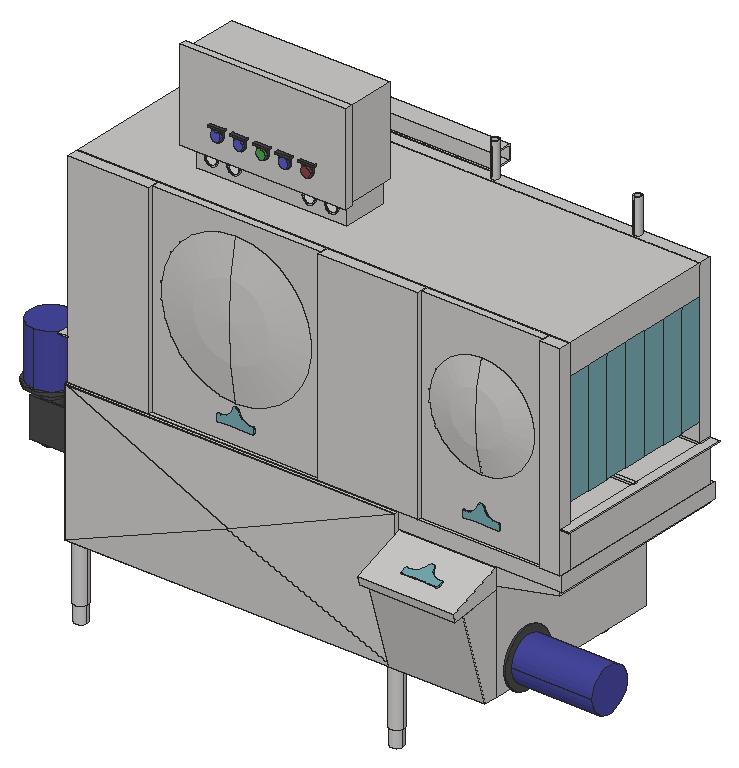
Revit family (continued)
Dimensions and locks (in)
  locked: plane 43 to plane 45 at 0.125
  locked: plane 46 to plane 44 at 3.875
  locked: plane 47 to level at 13.625
  locked: Extrusion 28 sketch curve to plane 18 "Door Center" at 1
  locked: plane 18 "Door Center" to Extrusion 33 sketch curve at 0.75
  locked: plane 18 "Door Center" to Extrusion 52 sketch curve at 6
  locked: plane 18 "Door Center" to Extrusion 29 sketch curve at 3
  locked: Extrusion 28 to Extrusion 30 sketch curve at 1
  locked: Extrusion 31 sketch curve to plane 18 "Door Center" at 3
  locked: Extrusion 32 sketch curve to plane 18 "Door Center" at 6
  locked: plane 48 to level at 8.5
  locked: plane 6 "FRONT" to plane 50 at 7
  locked: plane 53 to plane 51 at 0.125
  locked: plane 52 to plane 54 at 3.875
  "Width": plane 2 "LEFT" to plane 59 "RIGHT"
  plane 2 "LEFT" to Extrusion 39 sketch curve = 2' - 4"
  Extrusion 53 sketch curve to plane 59 "RIGHT" = 2' - 4"
  plane 2 "LEFT" to Extrusion 35 sketch curve = 0' - 9"
  Extrusion 54 sketch curve to plane 59 "RIGHT" = 0' - 9"
  "Single Door Opening": plane 55 to plane 56
  equal spacing: plane 19, plane 18 "Door Center", plane 20
  locked: plane 45 to plane 46 at 2.9375
  locked: plane 43 to plane 2 "LEFT" at 10
  locked: plane 59 "RIGHT" to plane 51 at 10
  locked: plane 54 to plane 53 at 2.9375
  locked: plane 65 to plane 56 at 0.25
  locked: plane 55 to plane 66 at 0.125
  locked: plane 55 to plane 67 at 1.4375
  locked: plane 19 to plane 68 at 0.25
  locked: plane 69 to plane 20 at 0.25
  locked: plane 18 "Door Center" to plane 72 at 0.0625
  locked: plane 71 to plane 18 "Door Center" at 0.0625
  locked: plane 18 "Door Center" to plane 73 at 1.4375
  locked: plane 70 to plane 18 "Door Center" at 1.4375
  locked: plane 56 to plane 59 "RIGHT" at 2.6875
  locked: Extrusion 55 sketch curve to plane 59 "RIGHT" at 16.8125
  locked: plane 59 "RIGHT" to Sweep 90 sketch curve at 11.5625
  aligned and locked: level to plane 1
  aligned and locked: Extrusion 1 sketch curve to plane 13
  aligned and locked: Extrusion 1 sketch curve to plane 14
  aligned and locked: plane 15 "Right of Bottom" to Extrusion 1 sketch curve
  aligned and locked: Extrusion 1 to plane 7 "Bottom of Machine"
  aligned and locked: plane 11 to Extrusion 1
  aligned and locked: plane 2 "LEFT" to Extrusion 2 sketch curve
  aligned and locked: Extrusion 2 sketch curve to plane 5 "Right of 44 Top"
  aligned and locked: plane 6 "FRONT" to Extrusion 2 sketch curve
  aligned and locked: plane 3 "BACK" to Extrusion 2 sketch curve
  aligned and locked: plane 10 "Panel Top" to Extrusion 2
  aligned and locked: Extrusion 2 to plane 11
  aligned and locked: plane 3 "BACK" to Extrusion 3 sketch curve
  aligned and locked: Extrusion 3 sketch curve to plane 17
  aligned and locked: Extrusion 3 to plane 10 "Panel Top"
  aligned and locked: plane 3 "BACK" to Extrusion 4 sketch curve
  aligned and locked: plane 16 to Extrusion 4 sketch curve
  aligned and locked: Extrusion 5 sketch curve to plane 17
  aligned and locked: Extrusion 5 sketch curve to plane 16
  aligned and locked: plane 3 "BACK" to Extrusion 6 sketch curve
  aligned and locked: plane 16 to Extrusion 6 sketch curve
  aligned: Extrusion 6 to plane 8 "Table Height"
  aligned: Extrusion 5 to plane 21 "Top of Opening"
  aligned and locked: Extrusion 7 sketch curve to plane 19
  aligned and locked: plane 10 "Panel Top" to Extrusion 7 sketch curve
  aligned and locked: Extrusion 7 to plane 17
  aligned and locked: Extrusion 7 sketch curve to plane 9 "Top of Machine"
  aligned and locked: plane 2 "LEFT" to Blend 8 sketch curve
  aligned and locked: plane 7 "Bottom of Machine" to Blend 8 sketch curve
  aligned and locked: Blend 8 sketch curve to plane 10 "Panel Top"
  aligned and locked: Blend 8 sketch curve to plane 5 "Right of 44 Top"
  aligned and locked: plane 6 "FRONT" to Extrusion 1 sketch curve
  aligned and locked: plane 2 "LEFT" to Extrusion 9 sketch curve
  aligned and locked: Extrusion 9 sketch curve to plane 6 "FRONT"
  aligned and locked: plane 12 to Extrusion 9 sketch curve
  aligned and locked: Extrusion 9 sketch curve to plane 5 "Right of 44 Top"
  aligned and locked: Extrusion 9 to plane 7 "Bottom of Machine"
  aligned and locked: plane 10 "Panel Top" to Extrusion 9
  aligned and locked: plane 20 to Extrusion 10 sketch curve
  aligned and locked: Extrusion 10 sketch curve to plane 9 "Top of Machine"
  aligned and locked: plane 10 "Panel Top" to Extrusion 10 sketch curve
  aligned and locked: Extrusion 10 to plane 17
  aligned and locked: Extrusion 11 sketch curve to plane 20
  aligned and locked: plane 17 to Extrusion 11 sketch curve
  aligned and locked: plane 19 to Extrusion 11 sketch curve
  aligned and locked: Extrusion 11 to plane 10 "Panel Top"
  aligned and locked: plane 22 to Extrusion 13
  aligned and locked: Extrusion 14 to plane 22
  aligned and locked: plane 7 "Bottom of Machine" to Extrusion 14
  aligned and locked: Extrusion 21 sketch curve to plane 28
  aligned and locked: plane 27 "Front of Lower Panel" to Extrusion 21 sketch curve
  aligned and locked: plane 23 to Extrusion 21 sketch curve
  aligned and locked: plane 24 to Extrusion 21 sketch curve
  aligned and locked: Extrusion 22 sketch curve to plane 30 "Back of Panel"
  aligned and locked: plane 29 to Extrusion 22 sketch curve
  aligned and locked: plane 32 to Extrusion 22 sketch curve
  aligned and locked: Extrusion 22 sketch curve to plane 33
  aligned and locked: Extrusion 23 sketch curve to plane 29
  aligned and locked: plane 31 "Front of Upper Panel" to Extrusion 23 sketch curve
  aligned and locked: plane 25 to Extrusion 23 sketch curve
  aligned and locked: Extrusion 23 sketch curve to plane 26
  aligned and locked: Extrusion 25 sketch curve to Extrusion 24  (x2)
  aligned and locked: Extrusion 27 sketch curve to Extrusion 26  (x2)
  aligned and locked: Extrusion 36 to plane 37
  aligned and locked: Extrusion 36 to plane 38
  aligned and locked: Extrusion 37 to plane 38
  aligned and locked: Extrusion 37 to plane 37
  aligned and locked: plane 3 "BACK" to curve 1
  aligned and locked: plane 6 "FRONT" to curve 2
  aligned and locked: plane 37 to curve 3
  aligned and locked: plane 38 to curve 5
  aligned and locked: curve 4 to plane 39
  aligned and locked: curve 6 to plane 30 "Back of Panel"
  aligned and locked: plane 29 to curve 8
  aligned and locked: plane 32 to curve 7
  aligned and locked: curve 9 to plane 33
  aligned and locked: plane 25 to curve 13
  aligned and locked: plane 31 "Front of Upper Panel" to curve 12
  aligned and locked: curve 11 to plane 26
  aligned and locked: curve 15 to plane 34
  aligned and locked: Extrusion 40 sketch curve to plane 13  (x2)
  aligned and locked: plane 41 to Extrusion 40 sketch curve
  aligned and locked: plane 38 to Extrusion 40 sketch curve
  aligned and locked: Extrusion 40 sketch curve to plane 39
  aligned and locked: plane 37 to Extrusion 40 sketch curve
  aligned: plane 36 "Top of Vents" to Extrusion 40
  aligned and locked: plane 4 "TOP" to Extrusion 40
  aligned and locked: plane 9 "Top of Machine" to Extrusion 41 sketch curve
  aligned and locked: Extrusion 41 sketch curve to plane 20
  aligned and locked: plane 19 to Extrusion 41 sketch curve
  aligned and locked: Extrusion 41 sketch curve to plane 42
  aligned and locked: Extrusion 41 to plane 17
  aligned and locked: curve 17 to plane 41
  aligned and locked: Extrusion 43 sketch curve to Extrusion 42  (x2)
  aligned and locked: Extrusion 45 sketch curve to Extrusion 44  (x2)
  aligned and locked: Extrusion 46 to plane 45
  aligned and locked: plane 45 to Extrusion 47
  aligned and locked: plane 46 to Extrusion 48 sketch curve
  aligned and locked: Extrusion 48 sketch curve to plane 44
  aligned and locked: curve 18 to plane 43
  aligned and locked: plane 46 to curve 20
  aligned and locked: plane 43 to Extrusion 49 sketch curve
  aligned and locked: plane 43 to curve 23
  aligned and locked: plane 6 "FRONT" to Extrusion 50 sketch curve
  aligned and locked: Extrusion 50 sketch curve to plane 13
  aligned: plane 10 "Panel Top" to Extrusion 50
  aligned and locked: Extrusion 56 sketch curve to Extrusion 55  (x2)
  aligned and locked: Extrusion 57 sketch curve to Extrusion 39  (x2)
  aligned and locked: Extrusion 59 to plane 53
  aligned and locked: plane 53 to Extrusion 58
  aligned and locked: Extrusion 60 sketch curve to plane 52
  aligned and locked: plane 54 to Extrusion 60 sketch curve
  aligned and locked: plane 52 to nested 2
  aligned and locked: plane 54 to nested 2
  aligned and locked: curve 28 to plane 51
  aligned and locked: curve 32 to plane 54
  aligned and locked: plane 52 to curve 30
  aligned and locked: Extrusion 61 sketch curve to plane 51
  aligned and locked: curve 33 to plane 51
  aligned and locked: Extrusion 65 sketch curve to Extrusion 63
  aligned and locked: Blend 66 sketch curve to Extrusion 65  (x2)
  aligned and locked: Extrusion 75 sketch curve to Extrusion 73  (x2)
  aligned and locked: plane 2 "LEFT" to Extrusion 4 sketch curve  (x2)
  aligned and locked: plane 2 "LEFT" to Extrusion 3 sketch curve
  aligned and locked: Extrusion 92 sketch curve to plane 61
  aligned and locked: plane 2 "LEFT" to Extrusion 7 sketch curve
  aligned and locked: plane 55 to Extrusion 10 sketch curve
  aligned and locked: plane 63 to Extrusion 50 sketch curve
  aligned and locked: Extrusion 4 sketch curve to plane 59 "RIGHT"  (x2)
  aligned and locked: Extrusion 3 sketch curve to plane 59 "RIGHT"
  aligned and locked: Extrusion 6 sketch curve to plane 59 "RIGHT"
  aligned and locked: Extrusion 5 sketch curve to plane 59 "RIGHT"
  aligned and locked: plane 17 to Extrusion 97 sketch curve
  aligned and locked: plane 6 "FRONT" to Extrusion 97 sketch curve
  aligned and locked: plane 68 to Extrusion 97 sketch curve
  aligned and locked: Extrusion 97 sketch curve to plane 71
  aligned and locked: plane 17 to Extrusion 98 sketch curve
  aligned and locked: plane 6 "FRONT" to Extrusion 98 sketch curve
  aligned and locked: plane 72 to Extrusion 98 sketch curve
  aligned and locked: Extrusion 98 sketch curve to plane 69
  aligned and locked: plane 65 to Extrusion 99 sketch curve
  aligned and locked: Extrusion 99 sketch curve to plane 66
  aligned and locked: plane 6 "FRONT" to Extrusion 99 sketch curve
  aligned and locked: plane 17 to Extrusion 99 sketch curve
  aligned and locked: Extrusion 97 to plane 10 "Panel Top"
  aligned and locked: Extrusion 98 to plane 10 "Panel Top"
  aligned and locked: Extrusion 99 to plane 10 "Panel Top"
  aligned and locked: curve 59 to plane 19
  aligned and locked: curve 61 to plane 20
  aligned and locked: plane 56 to curve 63
Automatic sketch dimensions
  Extrusion 5 sketch curve to plane 2 "LEFT" = 0' - 0"
  Extrusion 6 sketch curve to plane 2 "LEFT" = 0' - 0"
  plane 47 to Blend 8 sketch curve = 0' - 5 19/32"
  Blend 8 sketch curve to Blend 8 sketch curve = 0' - 0 1/16"
  Revolve 12 sketch curve to plane 12 = 0' - 0"
  Revolve 12 sketch curve to plane 50 = 0' - 4 1/4"
  plane 35 to Revolve 12 sketch curve = 0' - 0 7/16"
  plane 27 "Front of Lower Panel" to Revolve 12 sketch curve = 0' - 2 3/4"
  Revolve 12 sketch curve to plane 21 "Top of Opening" = 0' - 7.74993"
  plane 41 to Revolve 12 sketch curve = 1' - 5.49935"
  Revolve 12 sketch curve to plane 21 "Top of Opening" = 0' - 8"  (x2)
  Extrusion 24 sketch curve to Extrusion 24 sketch curve = 0' - 0"  (x2)
  Extrusion 26 sketch curve to Extrusion 26 sketch curve = 0' - 0"  (x2)
  plane 73 to Extrusion 28 sketch curve = 0' - 0 9/16"
  Extrusion 28 sketch curve to Extrusion 28 sketch curve = 0' - 2"  (x4)
  Extrusion 28 sketch curve to Extrusion 28 sketch curve = 0' - 1"  (x2)
  plane 70 to Extrusion 28 sketch curve = 0' - 0 7/16"
  Extrusion 28 sketch curve to plane 70 = 0' - 0 9/16"
  plane 36 "Top of Vents" to Extrusion 28 sketch curve = 0' - 2 3/4"  (x3)
  Extrusion 28 sketch curve to Extrusion 28 sketch curve = 0' - 0"  (x2)
  Extrusion 28 sketch curve to Extrusion 28 sketch curve = 0' - 0 1/4"  (x5)
  Extrusion 33 sketch curve to plane 18 "Door Center" = 0' - 0"
  plane 73 to Extrusion 33 sketch curve = 0' - 0 13/16"
  Extrusion 33 sketch curve to Extrusion 33 sketch curve = 0' - 0 3/4"  (x4)
  Extrusion 33 sketch curve to Extrusion 33 sketch curve = 0' - 1 1/2"  (x2)
  Extrusion 33 sketch curve to plane 70 = 0' - 0 13/16"
  Extrusion 33 sketch curve to Extrusion 33 sketch curve = 0' - 0"
  plane 36 "Top of Vents" to Extrusion 33 sketch curve = 0' - 1 7/8"  (x3)
  Extrusion 33 sketch curve to Extrusion 33 sketch curve = 0' - 0 7/8"  (x5)
  Extrusion 34 sketch curve to plane 18 "Door Center" = 0' - 0"
  plane 18 "Door Center" to Extrusion 34 sketch curve = 0' - 0.00035"
  plane 72 to Extrusion 34 sketch curve = 0' - 0.35719"
  plane 72 to Extrusion 34 sketch curve = 0' - 0.54876"
  plane 73 to Extrusion 34 sketch curve = 0' - 0.50556"
  plane 73 to Extrusion 34 sketch curve = 0' - 0.8056"
  Extrusion 34 sketch curve to Extrusion 34 sketch curve = 0' - 0.00341"  (x2)
  Extrusion 34 sketch curve to Extrusion 34 sketch curve = 0' - 0.25142"  (x2)
  Extrusion 34 sketch curve to plane 18 "Door Center" = 0' - 0.42461"
  Extrusion 34 sketch curve to Extrusion 34 sketch curve = 0' - 0"
  Extrusion 34 sketch curve to plane 71 = 0' - 0.54876"
  Extrusion 34 sketch curve to plane 70 = 0' - 0.50556"
  Extrusion 34 sketch curve to plane 70 = 0' - 0.8056"
  Extrusion 34 sketch curve to plane 8 "Table Height" = 0' - 2.43574"  (x2)
  Extrusion 34 sketch curve to Extrusion 34 sketch curve = 0' - 0.48493"  (x2)
  Extrusion 34 sketch curve to Extrusion 34 sketch curve = 0' - 0.08323"
  plane 47 to Extrusion 34 sketch curve = 0' - 5.0469"
  Extrusion 35 sketch curve to Extrusion 35 sketch curve = 0' - 0"  (x2)
  Extrusion 36 sketch curve to plane 40 = 0' - 0"
  Extrusion 36 sketch curve to plane 9 "Top of Machine" = 0' - 0"
  Extrusion 36 sketch curve to plane 39 = 0' - 0"
  Extrusion 36 sketch curve to plane 39 = 0' - 0 1/8"
  Extrusion 36 sketch curve to plane 13 = 0' - 0 1/8"
  Extrusion 36 sketch curve to Extrusion 36 sketch curve = 0' - 0 1/8"
  plane 9 "Top of Machine" to Extrusion 36 sketch curve = 0' - 0 1/8"
  Extrusion 36 sketch curve to plane 40 = 0' - 0 1/8"
  Extrusion 37 sketch curve to plane 3 "BACK" = 0' - 0"
  Extrusion 37 sketch curve to plane 9 "Top of Machine" = 0' - 0"
  Extrusion 37 sketch curve to plane 3 "BACK" = 0' - 0 1/4"
  Extrusion 37 sketch curve to Extrusion 37 sketch curve = 0' - 0 1/8"
  Extrusion 39 sketch curve to Extrusion 39 sketch curve = 0' - 0"  (x2)
  Extrusion 40 sketch curve to plane 61 = 0' - 0"
  Extrusion 40 sketch curve to plane 64 = 0' - 0"
  Extrusion 42 sketch curve to Extrusion 42 sketch curve = 0' - 0"  (x2)
  Extrusion 42 sketch curve to plane 40 = 0' - 0 1/4"
  Extrusion 42 sketch curve to plane 70 = 0' - 3 9/16"
  Extrusion 44 sketch curve to Extrusion 44 sketch curve = 0' - 0"  (x2)
  plane 40 to Extrusion 44 sketch curve = 0' - 0 1/4"
  Extrusion 44 sketch curve to plane 73 = 0' - 3 9/16"
  Extrusion 48 sketch curve to plane 35 = 0' - 0"
  Extrusion 48 sketch curve to plane 34 = 0' - 0"
  plane 35 to Extrusion 48 sketch curve = 0' - 0 1/8"
  Extrusion 48 sketch curve to plane 34 = 0' - 0 1/8"
  Extrusion 48 sketch curve to plane 44 = 0' - 0 1/8"
  plane 46 to Extrusion 48 sketch curve = 0' - 0 1/8"
  Extrusion 49 sketch curve to plane 13 = 0' - 0"
  Extrusion 49 sketch curve to plane 61 = 0' - 0"
  Extrusion 49 sketch curve to plane 41 = 0' - 0"
  Extrusion 50 sketch curve to plane 14 = 0' - 0"
  plane 36 "Top of Vents" to Extrusion 52 sketch curve = 0' - 1 7/8"
  Extrusion 55 sketch curve to Extrusion 55 sketch curve = 0' - 0"  (x2)
  Extrusion 55 sketch curve to plane 49 "Drain" = 0' - 1"
  Extrusion 60 sketch curve to plane 35 = 0' - 0"
  Extrusion 60 sketch curve to plane 34 = 0' - 0"
  Extrusion 60 sketch curve to plane 35 = 0' - 0 1/8"
  plane 34 to Extrusion 60 sketch curve = 0' - 0 1/8"
  Extrusion 60 sketch curve to plane 52 = 0' - 0 1/8"
  plane 54 to Extrusion 60 sketch curve = 0' - 0 1/8"
  Extrusion 61 sketch curve to plane 13 = 0' - 0"
  Extrusion 61 sketch curve to plane 64 = 0' - 0"
  Extrusion 61 sketch curve to plane 41 = 0' - 0"
  Extrusion 64 sketch curve to plane 31 "Front of Upper Panel" = 0' - 0 3/16"
  plane 46 to Extrusion 64 sketch curve = 0' - 0 15/16"
  Blend 66 sketch curve to plane 31 "Front of Upper Panel" = 0' - 0 3/16"
  plane 46 to Blend 66 sketch curve = 0' - 0 15/16"
  Extrusion 67 sketch curve to plane 31 "Front of Upper Panel" = 0' - 0 3/16"
  plane 46 to Extrusion 67 sketch curve = 0' - 0 15/16"
  Extrusion 68 sketch curve to plane 31 "Front of Upper Panel" = 0' - 0 3/16"
  plane 46 to Extrusion 68 sketch curve = 0' - 0 15/16"
  Extrusion 69 sketch curve to plane 2 "LEFT" = 0' - 0"
  Extrusion 69 sketch curve to plane 44 = 0' - 0 15/16"
  Extrusion 69 sketch curve to Extrusion 69 sketch curve = 0' - 1 1/4"
  Extrusion 69 sketch curve to plane 8 "Table Height" = 0' - 0 13/16"
  Extrusion 69 sketch curve to Extrusion 69 sketch curve = 0' - 0 3/4"
  Extrusion 69 sketch curve to Extrusion 69 sketch curve = 0' - 1 1/2"
  Blend 76 sketch curve to plane 61 = 0' - 0 5/16"
  Blend 76 sketch curve to plane 28 = 0' - 2 1/4"
  plane 30 "Back of Panel" to Blend 76 sketch curve = 0' - 1 3/4"
  plane 46 to Blend 76 sketch curve = 0' - 0 1/2"
  plane 44 to Blend 76 sketch curve = 0' - 0 1/2"
  Blend 76 sketch curve to plane 28 = 0' - 1 1/4"
  plane 30 "Back of Panel" to Blend 76 sketch curve = 0' - 0 3/4"
  plane 46 to Blend 76 sketch curve = 0' - 1 1/2"
  Blend 77 sketch curve to plane 46 = 0' - 0 1/4"
  plane 27 "Front of Lower Panel" to Blend 77 sketch curve = 0' - 3"
  plane 30 "Back of Panel" to Blend 77 sketch curve = 0' - 2 1/2"
  plane 61 to Blend 77 sketch curve = 0' - 0 7/16"
  Blend 77 sketch curve to plane 61 = 0' - 0 9/16"
  Blend 77 sketch curve to plane 28 = 0' - 2"
  plane 30 "Back of Panel" to Blend 77 sketch curve = 0' - 1 1/2"
  plane 46 to Blend 77 sketch curve = 0' - 0 3/4"
  Revolve 80 sketch curve to plane 12 = 0' - 0"
  Revolve 80 sketch curve to plane 50 = 0' - 4 1/4"
  plane 35 to Revolve 80 sketch curve = 0' - 0 7/16"
  plane 27 "Front of Lower Panel" to Revolve 80 sketch curve = 0' - 2 3/4"
  Revolve 80 sketch curve to plane 13 = 0' - 0.00039"
  Revolve 80 sketch curve to plane 21 "Top of Opening" = 0' - 1"
  Revolve 80 sketch curve to Revolve 80 sketch curve = 0' - 7"
  Revolve 80 sketch curve to plane 21 "Top of Opening" = 0' - 8"
  Extrusion 82 sketch curve to plane 42 = 0' - 0"
  plane 55 to Extrusion 82 sketch curve = 0' - 0"
  Extrusion 82 sketch curve to plane 9 "Top of Machine" = 0' - 0"
  plane 56 to Extrusion 82 sketch curve = 0' - 0"
  Extrusion 86 sketch curve to Extrusion 86 sketch curve = 0' - 0.25483"
  Extrusion 86 sketch curve to Extrusion 86 sketch curve = 0' - 1.63184"  (x2)
  Extrusion 86 sketch curve to Extrusion 86 sketch curve = 0' - 1.52338"
  Extrusion 86 sketch curve to Extrusion 86 sketch curve = 0' - 0.41934"
  Extrusion 86 sketch curve to Extrusion 86 sketch curve = 0' - 0.42496"
  Extrusion 86 sketch curve to Extrusion 86 sketch curve = 0' - 0"  (x2)
  Extrusion 86 sketch curve to Extrusion 86 sketch curve = 0' - 1.22253"
  Extrusion 86 sketch curve to Extrusion 86 sketch curve = 0' - 1.51845"
  Extrusion 86 sketch curve to Extrusion 86 sketch curve = 0' - 0.00341"
  Extrusion 86 sketch curve to Extrusion 86 sketch curve = 0' - 0.25142"  (x2)
  Extrusion 86 sketch curve to Extrusion 86 sketch curve = 0' - 0.34808"
  Extrusion 86 sketch curve to Extrusion 86 sketch curve = 0' - 0.48493"  (x2)
  Extrusion 86 sketch curve to Extrusion 86 sketch curve = 0' - 0.08323"
  Extrusion 86 sketch curve to Extrusion 86 sketch curve = 0' - 11.98442"
  Extrusion 87 sketch curve to plane 31 "Front of Upper Panel" = 0' - 0"
  Extrusion 87 sketch curve to plane 47 = 0' - 0"
  Extrusion 88 sketch curve to plane 31 "Front of Upper Panel" = 0' - 0"
  Extrusion 88 sketch curve to plane 47 = 0' - 0"
  Extrusion 92 sketch curve to plane 2 "LEFT" = 0' - 0"
  Extrusion 92 sketch curve to plane 6 "FRONT" = 0' - 0"
  plane 3 "BACK" to Extrusion 92 sketch curve = 0' - 0"
  plane 35 to Extrusion 95 sketch curve = 0' - 0 1/8"
  Extrusion 95 sketch curve to plane 34 = 0' - 0 1/8"
  Extrusion 95 sketch curve to plane 44 = 0' - 0 1/8"
  plane 46 to Extrusion 95 sketch curve = 0' - 0 1/8"
  plane 35 to Extrusion 96 sketch curve = 0' - 0 1/8"
  Extrusion 96 sketch curve to plane 34 = 0' - 0 1/8"
  Extrusion 96 sketch curve to plane 54 = 0' - 0 1/8"
  plane 52 to Extrusion 96 sketch curve = 0' - 0 1/8"
  plane 19 to Extrusion 100 sketch curve = 0' - 0.01857"
  Extrusion 100 sketch curve to plane 6 "FRONT" = 0' - 0.23718"
  plane 19 to Extrusion 101 sketch curve = 0' - 0.01857"
  Extrusion 101 sketch curve to plane 6 "FRONT" = 0' - 0.23718"
  plane 20 to Extrusion 102 sketch curve = 0' - 0.01857"
  Extrusion 102 sketch curve to plane 6 "FRONT" = 0' - 0.23718"
  plane 20 to Extrusion 103 sketch curve = 0' - 0.01857"
  Extrusion 103 sketch curve to plane 6 "FRONT" = 0' - 0.23718"
  Sweep 104 sketch curve to plane 12 = 0' - 0.61218"
  Sweep 104 sketch curve to plane 12 = 0' - 0.11218"  (x2)
  plane 6 "FRONT" to Sweep 104 sketch curve = 0' - 0.01282"  (x2)
  plane 8 "Table Height" to Sweep 104 sketch curve = 0' - 3 13/16"
  Sweep 104 sketch curve to plane 21 "Top of Opening" = 0' - 4 15/16"
  Sweep 104 sketch curve to profile plane = 0' - 0"  (x2)
  Sweep 105 sketch curve to plane 12 = 0' - 0.61218"
  Sweep 105 sketch curve to plane 12 = 0' - 0.11218"  (x2)
  plane 6 "FRONT" to Sweep 105 sketch curve = 0' - 0.01282"  (x2)
  plane 8 "Table Height" to Sweep 105 sketch curve = 0' - 3 13/16"
  Sweep 105 sketch curve to plane 21 "Top of Opening" = 0' - 4 15/16"
  Sweep 105 sketch curve to profile plane = 0' - 0"  (x2)
  plane 73 to curve 52 = 0' - 0.39357"
  curve 52 to plane 12 = 0' - 0.61218"
  curve 48 to plane 70 = 0' - 0.35643"
  curve 48 to plane 12 = 0' - 0.61218"
  plane 67 to curve 56 = 0' - 0.35643"
  curve 56 to plane 12 = 0' - 0.61218"
  plane 6 "FRONT" to curve 55 = 0' - 0.01282"
  plane 6 "FRONT" to curve 52 = 0' - 0.01282"
  plane 6 "FRONT" to curve 51 = 0' - 0.01282"
  plane 6 "FRONT" to curve 49 = 0' - 0.01282"
  plane 6 "FRONT" to curve 48 = 0' - 0.01282"
  plane 6 "FRONT" to curve 54 = 0' - 0.01282"
  curve 56 to plane 67 = 0' - 0.01857"
  plane 73 to curve 53 = 0' - 0.01857"
  plane 70 to curve 50 = 0' - 0.39357"
  Extrusion 106 sketch curve to plane 56 = 0' - 0.01857"
  Extrusion 106 sketch curve to plane 6 "FRONT" = 0' - 0.23718"
  Extrusion 107 sketch curve to plane 56 = 0' - 0.01857"
  Extrusion 107 sketch curve to plane 6 "FRONT" = 0' - 0.23718"
  Sweep 108 sketch curve to profile plane = 0' - 0"  (x2)
  curve 24 to plane 61 = 0' - 0"
  curve 35 to plane 6 "FRONT" = 0' - 0"
  curve 35 to plane 61 = 0' - 0"
  curve 47 to plane 19 = 0' - 0"
  plane 17 to curve 46 = 0' - 0"
  curve 46 to plane 20 = 0' - 0"
  curve 41 to plane 6 "FRONT" = 0' - 0"
  curve 41 to plane 15 "Right of Bottom" = 0' - 0"
  plane 17 to curve 38 = 0' - 0"
  curve 38 to plane 55 = 0' - 0"
  curve 43 to plane 6 "FRONT" = 0' - 0"
  curve 43 to plane 57 = 0' - 0"
  curve 40 to plane 56 = 0' - 0"
  curve 34 to plane 64 = 0' - 0"
  curve 36 to plane 6 "FRONT" = 0' - 0"
  curve 36 to plane 64 = 0' - 0"
  curve 41 to plane 50 = 0' - 0"
  curve 46 to plane 6 "FRONT" = 0' - 0"
  curve 44 to plane 6 "FRONT" = 0' - 0"
  curve 37 to plane 6 "FRONT" = 0' - 0"
  curve 39 to plane 6 "FRONT" = 0' - 0"
  plane 3 "BACK" to curve 35 = 0' - 0"
  plane 3 "BACK" to curve 36 = 0' - 0"
  curve 23 to plane 13 = 0' - 0"
  curve 33 to plane 13 = 0' - 0"
  plane 73 to curve 17 = 0' - 0 5/16"
  plane 35 to curve 47 = 0' - 0 7/16"
  plane 35 to curve 40 = 0' - 0 7/16"
  Extrusion 4 sketch curve to plane 59 "RIGHT" = 0' - 0"
  plane 28 to Extrusion 4 sketch curve = 0' - 0 1/4"
  Extrusion 4 sketch curve to plane 28 = 0' - 0 1/4"
  curve 26 to plane 6 "FRONT" = 0' - 0"
  curve 29 to plane 6 "FRONT" = 0' - 0"
  curve 31 to plane 35 = 0' - 0"
  curve 21 to plane 35 = 0' - 0"
  curve 20 to plane 34 = 0' - 0"
  plane 3 "BACK" to curve 25 = 0' - 0"
  plane 3 "BACK" to curve 27 = 0' - 0"
  curve 2 to plane 64 = 0' - 0"
  curve 1 to plane 64 = 0' - 0"
  curve 27 to plane 59 "RIGHT" = 0' - 0"
  curve 29 to plane 59 "RIGHT" = 0' - 0"
  curve 19 to plane 2 "LEFT" = 0' - 0"
  curve 26 to plane 2 "LEFT" = 0' - 0"
  curve 25 to plane 2 "LEFT" = 0' - 0"
  curve 2 to plane 61 = 0' - 0"
  curve 1 to plane 61 = 0' - 0"
  Extrusion 46 sketch curve to plane 6 "FRONT" = 0' - 0"
  Extrusion 46 sketch curve to plane 17 = 0' - 0"
  Extrusion 46 sketch curve to plane 16 = 0' - 0"
  Extrusion 46 sketch curve to plane 3 "BACK" = 0' - 0"
  Extrusion 46 sketch curve to plane 9 "Top of Machine" = 0' - 0"
  plane 35 to Extrusion 46 sketch curve = 0' - 0 1/16"
  Extrusion 46 sketch curve to plane 34 = 0' - 0 1/16"
  Extrusion 46 sketch curve to plane 9 "Top of Machine" = 0' - 0 1/8"
  Extrusion 46 sketch curve to plane 21 "Top of Opening" = 0' - 0.88572"
  Extrusion 46 sketch curve to Extrusion 46 sketch curve = 0' - 0.05178"  (x2)
  Extrusion 46 sketch curve to Extrusion 46 sketch curve = 0' - 1 1/2"  (x2)
  Extrusion 46 sketch curve to Extrusion 46 sketch curve = 0' - 0.17678"  (x2)
  plane 8 "Table Height" to Extrusion 46 sketch curve = 0' - 5.17678"
  Extrusion 47 sketch curve to plane 6 "FRONT" = 0' - 0"
  Extrusion 47 sketch curve to plane 17 = 0' - 0"
  Extrusion 47 sketch curve to plane 16 = 0' - 0"
  Extrusion 47 sketch curve to plane 3 "BACK" = 0' - 0"
  Extrusion 47 sketch curve to plane 21 "Top of Opening" = 0' - 0"
  Extrusion 47 sketch curve to plane 9 "Top of Machine" = 0' - 0"
  Extrusion 47 sketch curve to plane 21 "Top of Opening" = 0' - 0 15/16"
  Extrusion 47 sketch curve to Extrusion 47 sketch curve = 0' - 1 5/8"  (x2)
  plane 8 "Table Height" to Extrusion 47 sketch curve = 0' - 5 1/8"
  Extrusion 51 sketch curve to plane 2 "LEFT" = 0' - 0"  (x7)
  plane 17 to Extrusion 51 sketch curve = 0' - 0"
  Extrusion 51 sketch curve to plane 16 = 0' - 0"
  plane 31 "Front of Upper Panel" to Extrusion 51 sketch curve = 0' - 0 3/8"
  Extrusion 51 sketch curve to Extrusion 51 sketch curve = 0' - 0 1/8"  (x6)
  Extrusion 51 sketch curve to plane 27 "Front of Lower Panel" = 0' - 1 1/4"
  plane 28 to Extrusion 51 sketch curve = 0' - 1 5/8"
  Extrusion 51 sketch curve to plane 2 "LEFT" = 0' - 0 1/8"  (x7)
  Extrusion 51 sketch curve to plane 30 "Back of Panel" = 0' - 1"
  Extrusion 51 sketch curve to Extrusion 51 sketch curve = 0' - 3"
  plane 49 "Drain" to Extrusion 51 sketch curve = 0' - 2 3/4"
  Extrusion 53 sketch curve to Extrusion 53 sketch curve = 0' - 0"  (x2)
  Extrusion 53 sketch curve to plane 34 = 0' - 0 11/16"
  Extrusion 54 sketch curve to Extrusion 54 sketch curve = 0' - 0"  (x2)
  Extrusion 54 sketch curve to plane 34 = 0' - 0 11/16"
  Extrusion 58 sketch curve to plane 3 "BACK" = 0' - 0"
  Extrusion 58 sketch curve to plane 16 = 0' - 0"
  Extrusion 58 sketch curve to plane 17 = 0' - 0"
  Extrusion 58 sketch curve to plane 6 "FRONT" = 0' - 0"
  Extrusion 58 sketch curve to plane 9 "Top of Machine" = 0' - 0"
  Extrusion 58 sketch curve to plane 34 = 0' - 0 1/16"
  plane 35 to Extrusion 58 sketch curve = 0' - 0 1/16"
  Extrusion 58 sketch curve to plane 9 "Top of Machine" = 0' - 0 1/8"
  Extrusion 58 sketch curve to plane 21 "Top of Opening" = 0' - 0.88572"
  Extrusion 58 sketch curve to Extrusion 58 sketch curve = 0' - 0.05178"  (x2)
  Extrusion 58 sketch curve to Extrusion 58 sketch curve = 0' - 1 1/2"  (x2)
  Extrusion 58 sketch curve to Extrusion 58 sketch curve = 0' - 0.17678"  (x2)
  plane 8 "Table Height" to Extrusion 58 sketch curve = 0' - 5.17678"
  Extrusion 59 sketch curve to plane 6 "FRONT" = 0' - 0"
  Extrusion 59 sketch curve to plane 17 = 0' - 0"
  Extrusion 59 sketch curve to plane 16 = 0' - 0"
  Extrusion 59 sketch curve to plane 3 "BACK" = 0' - 0"
  Extrusion 59 sketch curve to plane 21 "Top of Opening" = 0' - 0"
  Extrusion 59 sketch curve to plane 9 "Top of Machine" = 0' - 0"
  Extrusion 59 sketch curve to plane 21 "Top of Opening" = 0' - 0 15/16"
  Extrusion 59 sketch curve to Extrusion 59 sketch curve = 0' - 1 5/8"  (x2)
  plane 8 "Table Height" to Extrusion 59 sketch curve = 0' - 5 1/8"
  plane 14 to Extrusion 62 sketch curve = 0' - 0"
  Extrusion 62 sketch curve to plane 2 "LEFT" = 0' - 0"
  Extrusion 62 sketch curve to plane 11 = 0' - 0"
  Extrusion 62 sketch curve to plane 61 = 0' - 0 1/8"
  Extrusion 62 sketch curve to plane 10 "Panel Top" = 0' - 4 9/16"
  plane 7 "Bottom of Machine" to Extrusion 62 sketch curve = 0' - 0 15/16"
  Extrusion 63 sketch curve to plane 46 = 0' - 0 11/16"
  Extrusion 63 sketch curve to plane 17 = 0' - 1 5/8"
  Extrusion 63 sketch curve to plane 31 "Front of Upper Panel" = 0' - 1 1/2"
  Extrusion 63 sketch curve to plane 31 "Front of Upper Panel" = 0' - 0 3/16"
  Extrusion 63 sketch curve to plane 27 "Front of Lower Panel" = 0' - 0 1/8"
  plane 46 to Extrusion 63 sketch curve = 0' - 0 15/16"
  Extrusion 63 sketch curve to Extrusion 63 sketch curve = 0' - 0"
  Extrusion 63 sketch curve to plane 61 = 0' - 0 3/8"
  Extrusion 63 sketch curve to plane 61 = 0' - 0 1/8"
  Extrusion 70 sketch curve to plane 11 = 0' - 0"
  plane 14 to Extrusion 70 sketch curve = 0' - 0"
  Extrusion 70 sketch curve to plane 2 "LEFT" = 0' - 0"
  plane 44 to Extrusion 70 sketch curve = 0' - 0 9/16"
  plane 11 to Extrusion 70 sketch curve = 0' - 0 7/16"
  Extrusion 70 sketch curve to plane 48 = 0' - 0 1/16"
  Extrusion 71 sketch curve to Extrusion 71 sketch curve = 0' - 0"  (x2)
  plane 7 "Bottom of Machine" to Extrusion 71 sketch curve = 0' - 0 7/16"
  Extrusion 71 sketch curve to plane 44 = 0' - 0 15/16"
  Extrusion 71 sketch curve to plane 44 = 0' - 0 5/16"  (x2)
  plane 44 to Extrusion 71 sketch curve = 0' - 0 1/16"  (x2)
  Extrusion 71 sketch curve to Extrusion 71 sketch curve = 0' - 0 1/4"  (x2)
  plane 11 to Extrusion 71 sketch curve = 0' - 0 1/8"
  plane 44 to Extrusion 71 sketch curve = 0' - 0 5/16"
  Extrusion 71 sketch curve to plane 11 = 0' - 0 7/16"
  Extrusion 71 sketch curve to Extrusion 71 sketch curve = 0' - 0 5/16"
  Extrusion 72 sketch curve to Extrusion 72 sketch curve = 0' - 0"  (x2)
  plane 7 "Bottom of Machine" to Extrusion 72 sketch curve = 0' - 0 7/16"
  Extrusion 72 sketch curve to plane 44 = 0' - 0 15/16"
  Extrusion 72 sketch curve to plane 44 = 0' - 0 5/16"  (x2)
  plane 44 to Extrusion 72 sketch curve = 0' - 0 1/16"  (x2)
  Extrusion 72 sketch curve to Extrusion 72 sketch curve = 0' - 0 1/4"  (x2)
  plane 11 to Extrusion 72 sketch curve = 0' - 0 1/8"
  plane 44 to Extrusion 72 sketch curve = 0' - 0 5/16"
  Extrusion 72 sketch curve to plane 11 = 0' - 0 7/16"
  Extrusion 72 sketch curve to Extrusion 72 sketch curve = 0' - 0 5/16"
  Extrusion 73 sketch curve to Extrusion 73 sketch curve = 0' - 0"  (x6)
  plane 10 "Panel Top" to Extrusion 73 sketch curve = 0' - 0 3/16"
  plane 46 to Extrusion 73 sketch curve = 0' - 1 1/2"
  Extrusion 73 sketch curve to plane 44 = 0' - 1.67562"
  Extrusion 73 sketch curve to Extrusion 73 sketch curve = 0' - 0.36312"
  Extrusion 73 sketch curve to Extrusion 73 sketch curve = 0' - 0 3/8"
  Extrusion 73 sketch curve to plane 44 = 0' - 0.19938"
  plane 44 to Extrusion 73 sketch curve = 0' - 0 1/2"
  Extrusion 73 sketch curve to plane 8 "Table Height" = 0' - 1 9/16"
  Extrusion 73 sketch curve to Extrusion 73 sketch curve = 0' - 0.13295"
  Extrusion 74 sketch curve to Extrusion 74 sketch curve = 0' - 0"  (x6)
  plane 10 "Panel Top" to Extrusion 74 sketch curve = 0' - 0 3/16"
  plane 46 to Extrusion 74 sketch curve = 0' - 1 1/2"
  Extrusion 74 sketch curve to plane 44 = 0' - 1.67562"
  Extrusion 74 sketch curve to Extrusion 74 sketch curve = 0' - 0.36312"
  Extrusion 74 sketch curve to Extrusion 74 sketch curve = 0' - 0 3/8"
  Extrusion 74 sketch curve to plane 44 = 0' - 0.19938"
  plane 44 to Extrusion 74 sketch curve = 0' - 0 1/2"
  Extrusion 74 sketch curve to plane 8 "Table Height" = 0' - 1 9/16"
  Extrusion 74 sketch curve to Extrusion 74 sketch curve = 0' - 0.13295"
  Extrusion 78 sketch curve to Extrusion 78 sketch curve = 0' - 0"  (x2)
  plane 7 "Bottom of Machine" to Extrusion 78 sketch curve = 0' - 0 7/16"
  Extrusion 78 sketch curve to plane 44 = 0' - 1 7/16"
  Extrusion 78 sketch curve to Extrusion 78 sketch curve = 0' - 0 1/2"
  Extrusion 79 sketch curve to plane 56 = 0' - 0"
  Extrusion 79 sketch curve to plane 55 = 0' - 0"
  plane 17 to Extrusion 79 sketch curve = 0' - 0"
  Extrusion 79 sketch curve to plane 35 = 0' - 0 7/16"
  Extrusion 81 sketch curve to Extrusion 81 sketch curve = 0' - 1.52338"
  Extrusion 81 sketch curve to Extrusion 81 sketch curve = 0' - 1.63184"  (x2)
  Extrusion 81 sketch curve to Extrusion 81 sketch curve = 0' - 0.00341"
  Extrusion 81 sketch curve to Extrusion 81 sketch curve = 0' - 0.25142"
  Extrusion 81 sketch curve to Extrusion 81 sketch curve = 0' - 0"
  Extrusion 81 sketch curve to plane 57 = 0' - 0.30694"
  Extrusion 81 sketch curve to plane 57 = 0' - 0.0069"
  Extrusion 81 sketch curve to plane 57 = 0' - 0.00349"
  plane 57 to Extrusion 81 sketch curve = 0' - 0.24793"
  Extrusion 81 sketch curve to plane 47 = 0' - 5.0469"
  Extrusion 81 sketch curve to plane 10 "Panel Top" = 0' - 2.07309"  (x2)
  Extrusion 81 sketch curve to Extrusion 81 sketch curve = 0' - 0.08323"
  Extrusion 81 sketch curve to Extrusion 81 sketch curve = 0' - 0.48493"  (x2)
  plane 8 "Table Height" to Extrusion 81 sketch curve = 0' - 1.37507"
  plane 15 "Right of Bottom" to Extrusion 83 sketch curve = 0' - 0"
  plane 57 to Extrusion 83 sketch curve = 0' - 0"
  Extrusion 83 sketch curve to plane 7 "Bottom of Machine" = 0' - 0 15/16"
  plane 10 "Panel Top" to Extrusion 83 sketch curve = 0' - 2"
  Extrusion 85 sketch curve to Extrusion 85 sketch curve = 0' - 2 11/16"
  Extrusion 85 sketch curve to Extrusion 85 sketch curve = 0' - 1.04649"
  plane 57 to Extrusion 89 sketch curve = 0' - 0"
  Extrusion 89 sketch curve to plane 59 "RIGHT" = 0' - 0"
  plane 10 "Panel Top" to Extrusion 89 sketch curve = 0' - 4 1/4"
  plane 10 "Panel Top" to Extrusion 89 sketch curve = 0' - 2 3/8"
  plane 10 "Panel Top" to Extrusion 89 sketch curve = 0' - 2"
  Sweep 90 sketch curve to plane 48 = 0' - 0"
  Sweep 90 sketch curve to plane 24 = 0' - 4"
  Sweep 90 sketch curve to plane 7 "Bottom of Machine" = 0' - 0 1/2"
  Sweep 90 sketch curve to Sweep 90 sketch curve = 0' - 0 7/16"
  Sweep 90 sketch curve to Sweep 90 sketch curve = 0' - 0"  (x2)
  Sweep 90 sketch curve to plane 49 "Drain" = 0' - 1"
  Sweep 90 sketch curve to profile plane = 0' - 0"
  Extrusion 91 sketch curve to plane 9 "Top of Machine" = 0' - 0"
  plane 56 to Extrusion 91 sketch curve = 0' - 0"
  Extrusion 91 sketch curve to plane 10 "Panel Top" = 0' - 0"
  Extrusion 91 sketch curve to plane 59 "RIGHT" = 0' - 0"
  Extrusion 93 sketch curve to plane 6 "FRONT" = 0' - 0"
  plane 3 "BACK" to Extrusion 93 sketch curve = 0' - 0"
  Extrusion 93 sketch curve to plane 64 = 0' - 0"
  Extrusion 93 sketch curve to plane 59 "RIGHT" = 0' - 0"
  plane 17 to Extrusion 94 sketch curve = 0' - 0"
  Extrusion 94 sketch curve to plane 59 "RIGHT" = 0' - 0"  (x7)
  Extrusion 94 sketch curve to plane 16 = 0' - 0"
  Extrusion 94 sketch curve to plane 31 "Front of Upper Panel" = 0' - 0 3/8"
  Extrusion 94 sketch curve to Extrusion 94 sketch curve = 0' - 0 1/8"  (x8)
  plane 27 "Front of Lower Panel" to Extrusion 94 sketch curve = 0' - 1 1/4"
  Extrusion 94 sketch curve to plane 28 = 0' - 1 5/8"
  Extrusion 94 sketch curve to plane 59 "RIGHT" = 0' - 0 1/8"  (x3)
  plane 30 "Back of Panel" to Extrusion 94 sketch curve = 0' - 1"
  Extrusion 94 sketch curve to Extrusion 94 sketch curve = 0' - 3"
  Extrusion 94 sketch curve to plane 49 "Drain" = 0' - 2 3/4"
  Extrusion 94 sketch curve to Extrusion 94 sketch curve = 0' - 0"  (x2)
  curve 59 to plane 6 "FRONT" = 0' - 0"
  curve 60 to plane 6 "FRONT" = 0' - 0"
  curve 64 to plane 6 "FRONT" = 0' - 0"
  curve 62 to plane 6 "FRONT" = 0' - 0"
  curve 61 to plane 6 "FRONT" = 0' - 0"
  plane 17 to curve 57 = 0' - 0"
  plane 17 to curve 58 = 0' - 0"
  curve 57 to plane 72 = 0' - 0"
  curve 58 to plane 71 = 0' - 0"
  curve 63 to plane 50 = 0' - 9.25657"
  curve 63 to plane 6 "FRONT" = 0' - 0.00657"
  Extrusion 81 sketch curve to Extrusion 81 sketch curve = 0' - 1.51845"
  Extrusion 81 sketch curve to plane 57 = 0' - 2 1/4"
  Extrusion 81 sketch curve to Extrusion 81 sketch curve = 0' - 0.42496"
  Extrusion 81 sketch curve to Extrusion 81 sketch curve = 0' - 0.41934"
  Extrusion 81 sketch curve to Extrusion 81 sketch curve = 0' - 1.22253"
  Extrusion 84 sketch curve to Extrusion 84 sketch curve = 0' - 3.69119"
  Extrusion 84 sketch curve to Extrusion 84 sketch curve = 0' - 5.50369"
  Extrusion 84 sketch curve to Extrusion 84 sketch curve = 0' - 0.73915"
  Extrusion 84 sketch curve to Extrusion 84 sketch curve = 1' - 0 13/16"
  Extrusion 85 sketch curve to Extrusion 85 sketch curve = 0' - 0.24812"
  Extrusion 85 sketch curve to Extrusion 85 sketch curve = 0' - 6.75188"
  Extrusion 85 sketch curve to Extrusion 85 sketch curve = 0' - 0.13971"
  Extrusion 86 sketch curve to Extrusion 86 sketch curve = 0' - 0.30345"
  Extrusion 86 sketch curve to Extrusion 86 sketch curve = 0' - 0.61126"
  Extrusion 111 sketch curve to Extrusion 111 sketch curve = 0' - 0.25483"
  Extrusion 111 sketch curve to Extrusion 111 sketch curve = 0' - 1.63184"  (x2)
  Extrusion 111 sketch curve to Extrusion 111 sketch curve = 0' - 1.52338"
  Extrusion 111 sketch curve to Extrusion 111 sketch curve = 0' - 0.41934"
  Extrusion 111 sketch curve to Extrusion 111 sketch curve = 0' - 0.42496"
  Extrusion 111 sketch curve to Extrusion 111 sketch curve = 0' - 0"  (x2)
  Extrusion 111 sketch curve to Extrusion 111 sketch curve = 0' - 1.22253"
  Extrusion 111 sketch curve to Extrusion 111 sketch curve = 0' - 1.51845"
  Extrusion 111 sketch curve to Extrusion 111 sketch curve = 0' - 0.00341"
  Extrusion 111 sketch curve to Extrusion 111 sketch curve = 0' - 0.25142"  (x2)
  Extrusion 111 sketch curve to Extrusion 111 sketch curve = 0' - 0.34808"
  Extrusion 111 sketch curve to Extrusion 111 sketch curve = 0' - 0.48493"  (x2)
  Extrusion 111 sketch curve to Extrusion 111 sketch curve = 0' - 0.08323"
  Extrusion 111 sketch curve to Extrusion 111 sketch curve = 0' - 11.98442"
  Extrusion 110 sketch curve to Extrusion 110 sketch curve = 0' - 2 11/16"
  Extrusion 110 sketch curve to Extrusion 110 sketch curve = 0' - 1.04649"
  Extrusion 109 sketch curve to Extrusion 109 sketch curve = 0' - 3.69119"
  Extrusion 109 sketch curve to Extrusion 109 sketch curve = 0' - 5.50369"
  Extrusion 109 sketch curve to Extrusion 109 sketch curve = 0' - 0.73915"
  Extrusion 109 sketch curve to Extrusion 109 sketch curve = 1' - 0 13/16"
  Extrusion 110 sketch curve to Extrusion 110 sketch curve = 0' - 0.24812"
  Extrusion 110 sketch curve to Extrusion 110 sketch curve = 0' - 6.75188"
  Extrusion 110 sketch curve to Extrusion 110 sketch curve = 0' - 0.13971"
  Extrusion 111 sketch curve to Extrusion 111 sketch curve = 0' - 0.30345"
  Extrusion 111 sketch curve to Extrusion 111 sketch curve = 0' - 0.61126"
  plane 12 to Sweep 108 sketch curve = 0' - 0.61218"
  plane 12 to Sweep 108 sketch curve = 0' - 0.11218"  (x2)
  Sweep 108 sketch curve to plane 6 "FRONT" = 0' - 0.01282"  (x2)
  Sweep 108 sketch curve to plane 8 "Table Height" = 0' - 3 13/16"
  plane 21 "Top of Opening" to Sweep 108 sketch curve = 0' - 4 15/16"
  curve 67 to plane 73 = 0' - 0.22296"
  plane 30 "Back of Panel" to curve 67 = 0' - 2.78266"
  curve 66 to plane 49 "Drain" = 0' - 4.72295"
  curve 67 to plane 70 = 0' - 1.84796"
  curve 66 to plane 73 = 0' - 0.22296"
  curve 66 to plane 49 "Drain" = 0' - 2.22856"
  plane 67 to curve 65 = 0' - 0.28546"
  radius of Extrusion 13 sketch curve = 0' - 0 13/16"
  radius of Extrusion 14 sketch curve = 0' - 0 15/16"
  radius of Extrusion 15 sketch curve = 0' - 0 13/16"
  radius of Extrusion 16 sketch curve = 0' - 0 15/16"
  radius of Extrusion 17 sketch curve = 0' - 0 13/16"
  radius of Extrusion 18 sketch curve = 0' - 0 15/16"
  radius of Extrusion 19 sketch curve = 0' - 0 13/16"
  radius of Extrusion 20 sketch curve = 0' - 0 15/16"
  radius of Extrusion 24 sketch curve = 0' - 0 3/4"
  radius of Extrusion 24 sketch curve = 0' - 0 7/8"
  radius of Extrusion 26 sketch curve = 0' - 0 3/4"
  radius of Extrusion 26 sketch curve = 0' - 0 7/8"
  radius of Extrusion 29 sketch curve = 0' - 0 5/8"
  radius of Extrusion 30 sketch curve = 0' - 0 5/8"
  radius of Extrusion 31 sketch curve = 0' - 0 5/8"
  radius of Extrusion 32 sketch curve = 0' - 0 5/8"
  radius of Extrusion 35 sketch curve = 0' - 0 3/8"
  radius of Extrusion 35 sketch curve = 0' - 0 1/2"
  radius of Extrusion 38 sketch curve = 0' - 0 1/4"
  radius of Extrusion 39 sketch curve = 0' - 1"
  radius of Extrusion 39 sketch curve = 0' - 1 1/8"
  radius of Extrusion 42 sketch curve = 0' - 0 3/4"
  radius of Extrusion 42 sketch curve = 0' - 0 7/8"
  radius of Extrusion 44 sketch curve = 0' - 0 3/4"
  radius of Extrusion 44 sketch curve = 0' - 0 7/8"
  radius of Extrusion 52 sketch curve = 0' - 0 5/8"
  radius of Extrusion 55 sketch curve = 0' - 1"
  radius of Extrusion 55 sketch curve = 0' - 1 1/8"
  radius of Extrusion 64 sketch curve = 0' - 1 1/16"
  radius of Blend 66 sketch curve = 0' - 2 1/16"
  radius of Extrusion 67 sketch curve = 0' - 3 1/4"
  radius of Extrusion 68 sketch curve = 0' - 2 7/8"
  radius of Extrusion 69 sketch curve = 0' - 0 3/8"
  radius of Extrusion 87 sketch curve = 0' - 3 3/4"
  radius of Extrusion 88 sketch curve = 0' - 2 7/8"
  radius of Extrusion 100 sketch curve = 0' - 0 1/4"
  radius of Extrusion 101 sketch curve = 0' - 0 1/4"
  radius of Extrusion 102 sketch curve = 0' - 0 1/4"
  radius of Extrusion 103 sketch curve = 0' - 0 1/4"
  radius of Sweep 104 sketch curve = 0' - 0 3/8"
  radius of Sweep 105 sketch curve = 0' - 0 3/8"
  radius of Extrusion 106 sketch curve = 0' - 0 1/4"
  radius of Extrusion 107 sketch curve = 0' - 0 1/4"
  radius of Sweep 108 sketch curve = 0' - 0 3/8"
  radius of Extrusion 53 sketch curve = 0' - 0 3/8"
  radius of Extrusion 53 sketch curve = 0' - 0 1/2"
  radius of Extrusion 54 sketch curve = 0' - 0 3/8"
  radius of Extrusion 54 sketch curve = 0' - 0 1/2"
  radius of Extrusion 71 sketch curve = 0' - 0 1/2"
  radius of Extrusion 72 sketch curve = 0' - 0 1/2"
  radius of Sweep 90 sketch curve = 0' - 1"
  radius of Sweep 90 sketch curve = 0' - 1 1/8"
Nested families (in)
  nested 1: "QF_Stero_ER-66S_R-L_E_HW2" at (39.82772, -48.75, 0), Plumbing Remarks <- "Building Plumbing Remarks", Hot Water Temperature <- "Building Hot Water Temperature", Hot Water Size <- "Building Hot Water Size", Hot Water RI Height <- "Building Hot Water RI Height", Hot Water Minimum Pressure <- "Building Hot Water Minimum Pressure", Hot Water Maximum Pressure <- "Building Hot Water Maximum Pressure", Hot Water Flow <- "Building Hot Water Flow", Hot Water Consumption <- "Building Hot Water Consumption", Hot Water Connection Height <- "Building Hot Water Connection Height", Item Number <- "Building HW Item Number", type "Nested"
    with Plumbing Remarks "", Item Number "-", Hot Water Temperature 140 °F, Hot Water Size Radius 3/8", Hot Water Size 3/4", Hot Water RI Height 0' - 0", Hot Water Minimum Pressure 20.00 psi, Hot Water Maximum Pressure 20.00 psi, Hot Water Flow 0.00 GPM, Hot Water Consumption 0.00 GPM, Hot Water Connection Height 5' - 0"
  nested 2: "QF_Stero_ER-66S_R-L_E_EX" at (70.89022, -48.0625, 0), visible <- "Right Vent", Ventilation Remarks <- "Right Ventilation Remarks", Exhaust Volume <- "Right Exhaust Volume", Exhaust Vent Width <- "Right Exhaust Vent Width", Exhaust Vent Depth <- "Right Exhaust Vent Depth", Exhaust Static Press <- "Right Exhaust Static Press", Exhaust RI Height <- "Right Exhaust RI Height", Item Number <- "Right Exhaust Item Number", type "Nested"
    with Ventilation Remarks "", Item Number "-", Exhaust Volume 0 CFM, Exhaust Vent Width 0' - 3 7/8", Exhaust Vent Depth 2' - 0 7/8", Exhaust Static Press 0.00 in-wg, Exhaust RI Height 0' - 0"
Connectors (in)
  piping at (30.32772, -51, 6), driven by "Indirect Waste Flow"
    settings: on Extrusion 39, index 1, connector radius 1", flow factor 0, pipe flow 0.00 GPM, pressure drop 0.00 psi, fitting loss kfactor 0, connector angle 0.00°, fixture units 0, flow configuration 1, flow direction 2, fitting loss method 0, system type 16, connector reference index -1, connector utility 0, adjustable connector no, is connector primary yes, fitting loss table "", connector description "Indirect Waste"
  piping at (11.32772, -48.75, 60), driven by "Hot Water Flow"
    settings: on Extrusion 35, index 2, connector radius 3/8", flow factor 0, pipe flow 1.97 GPM, pressure drop 0.00 psi, fitting loss kfactor 0, connector angle 0.00°, fixture units 0, flow configuration 1, flow direction 1, fitting loss method 0, system type 19, connector reference index -1, connector utility 0, adjustable connector no, is connector primary no, fitting loss table "", connector description "Booster Hot Water"
  electrical at (34.32772, -59.9375, 68.5), driven by "Number of Poles", driven by "Volts", driven by "Apparent Power"
    settings: on Extrusion 38, index 3, voltage 208 V, apparent load 11273.6 VA, apparent load phase1 0 VA, apparent load phase2 0 VA, apparent load phase3 0 VA, power factor 1, load classification "Other", number of poles 1, system type 30, power factor state 1, is connector primary yes, connector utility no, sub classification motor no, connector description "Electric"
  hvac at (-2.67228, -60.5, 59.5), driven by "Exhaust Volume", driven by "Exhaust Vent Depth", driven by "Exhaust Vent Width", driven by "Exhaust Vent Text"
    settings: on Extrusion 48, index 6, duct flow 0 CFM, flow factor 0, pres drop 0.00 in-wg, loss coef 0, conn angle 0.00°, conn width 3 7/8", conn height 24 7/8", conn radius 12", duct sys type 3, conn prof type 1, flow config 1, flow direction 2, loss method 0, conn ref index -1, conn util no, is conn primary yes, conn desc "Vent, Unload End"
  piping at (51.01522, -51, 6), driven by "Indirect Waste Flow"
    settings: on Extrusion 55, index 7, connector radius 1", flow factor 0, pipe flow 0.00 GPM, pressure drop 0.00 psi, fitting loss kfactor 0, connector angle 0.00°, fixture units 0, flow configuration 1, flow direction 2, fitting loss method 0, system type 16, connector reference index -1, connector utility 0, adjustable connector no, is connector primary no, fitting loss table "", connector description "Indirect Waste"
  piping at (39.82772, -48.75, 60), driven by "Building Hot Water Flow"
    settings: on Extrusion 53, index 8, connector radius 3/8", flow factor 0, pipe flow 0.00 GPM, pressure drop 0.00 psi, fitting loss kfactor 0, connector angle 0.00°, fixture units 0, flow configuration 1, flow direction 1, fitting loss method 0, system type 19, connector reference index -1, connector utility 0, adjustable connector no, is connector primary no, fitting loss table "", connector description "Building Hot Water"
  piping at (58.82772, -48.75, 60), driven by "Cold Water Flow"
    settings: on Extrusion 54, index 9, connector radius 3/8", flow factor 0, pipe flow 0.00 GPM, pressure drop 0.00 psi, fitting loss kfactor 0, connector angle 0.00°, fixture units 0, flow configuration 1, flow direction 1, fitting loss method 0, system type 20, connector reference index -1, connector utility 0, adjustable connector no, is connector primary no, fitting loss table "", connector description "Cold Water"
  hvac at (72.82772, -60.5, 59.5), driven by "Right Exhaust Volume", driven by "Right Exhaust Vent Depth", driven by "Right Exhaust Vent Width", driven by "Right Exhaust Vent Text"
    settings: on cut or joined group of Extrusion 60, Extrusion 96, index 10, duct flow 0 CFM, flow factor 0, pres drop 0.00 in-wg, loss coef 0, conn angle 0.00°, conn width 3 7/8", conn height 24 7/8", conn radius 12", duct sys type 3, conn prof type 1, flow config 1, flow direction 2, loss method 0, conn ref index -1, conn util no, is conn primary no, conn desc "Vent, Load End"
Definition of nested family "QF_Stero_ER-66S_R-L_E_HW2"
  Parameters (values of type "Nested")
    Watermarked By = "http://revitwatermark.com"
    Type Comments = "⍁⍉⌁⌀⏭⎽⌇⍠⌜⍉⎖⌥⌦⌯⍭⏊⍻⍿⍊⏵⍊⏗⏠⍴⎡⌈⎀⍠⌓⌤⏘⎐⍀⌐⏬⏁⎈⏍⏦⎒⏬⌝⍩⍇⌣〈⎫〉⎁⏊⍥⍖⍥⍝⍦⌖⍀⏌⏭⎝⎼⏷⏞⍻⏯⎽⏷⏞⍻⏯⎽⏷⎺⌻⎝⍎⌧⏷⏟⏿⌿⍜⍦⍤⌁⍬⏶⏎⍊⏚⏉⎞⌡⎀⎪⏈⌟⌿⍾⍼⌟⌿⌢⏮⏝⏝⏛⎽⎻⎷⎳⎻⎗⌾⍼⎴⏿⏰⏑⏮⍮⍺⏼⏅⎏⌽⌻⍽⎝⍮⎧⎯⏛⎼⎮⍾⏬⏇⏎⏳⏦⏠⎧⎳⍷⏿⌏"
    Plumbing Remarks [instance] = ""
    Item Number [instance] = "-"
    Hot Water Temperature [instance] = 0 °F
    Hot Water Size [instance] = 1/4"
    Hot Water RI Height [instance] = 0' - 0"
    Hot Water Minimum Pressure [instance] = 0.00 psi
    Hot Water Maximum Pressure [instance] = 0.00 psi
    Hot Water Flow [instance] = 0.00 GPM
    Hot Water Consumption [instance] = 0.00 GPM
    Hot Water Connection Height [instance] = 0' - 0"
    Description = ""
    Hot Water Size Radius [instance] = Hot Water Size / 2  # 1/8"
    Assembly Code = ""
  Reference planes (in)
    plane 1 "Center (Back)": y = 0
    plane 2: z = 0
    plane 3 "Center (Left)": x = 0
  Lines and regions (in)
    symbolic lines, style "QF_Multiple Utilities"
      curve 1: circle (0, 0, 0) r 0.125 normal (0, 0, 1)
  Dimensions and locks (in)
    "Hot Water Size Radius": radius of curve 1
    aligned and locked: level to plane 2
  Automatic sketch dimensions
    plane 1 "Center (Back)" to curve 1 = 0' - 0"
    curve 1 to plane 3 "Center (Left)" = 0' - 0"
Definition of nested family "QF_Stero_ER-66S_R-L_E_EX"
  Parameters (values of type "Nested")
    Watermarked By = "http://revitwatermark.com"
    Ventilation Remarks [instance] = ""
    Type Comments = "⍁⍉⌁⌀⏭⎽⌇⍠⌜⍉⎖⌥⌦⌯⍭⏊⍻⍿⍊⏵⍊⏗⏠⍴⎡⌈⎀⍠⌓⌤⏘⎐⍀⌐⏬⏁⎈⏍⏦⎒⏬⌝⍩⍇⌣〈⎫〉⎁⏊⍥⍖⍥⍝⍦⌖⍀⏌⏭⎝⎼⏷⏞⍻⏯⎽⏷⏞⍻⏯⎽⏷⎺⌻⎝⍎⌧⏷⏟⏿⌿⍜⍦⍤⌁⍬⏶⏎⍊⏚⏉⎞⌡⎀⎪⏈⌟⌿⍾⍼⌟⌿⌢⏮⏝⏝⏛⎽⎻⎷⎳⎻⎗⌾⍼⎴⏿⏰⏑⏮⍮⍺⏼⏅⎏⌽⌻⍽⎝⍮⎧⎯⏛⎼⎮⍾⏬⏇⏎⏳⏦⏠⎧⎳⍷⏿⌏"
    Item Number [instance] = "-"
    Exhaust Volume [instance] = 0 CFM
    Exhaust Vent Width [instance] = 1' - 4"
    Exhaust Vent Depth [instance] = 0' - 4"
    Exhaust Static Press [instance] = 0.00 in-wg
    Exhaust RI Height [instance] = 0' - 0"
    Description = ""
    Assembly Code = ""
  Reference planes (in)
    plane 1 "Center (Back)": y = 0
    plane 2: z = 0
    plane 3 "Center (Left)": x = 0
    plane 4: x = 16
    plane 5: y = -4
  Lines and regions (in)
    symbolic lines, style "QF_Multiple Utilities"
      curve 1: line (0, 0, 0) -> (16, 0, 0)
      curve 2: line (0, -4, 0) -> (0, 0, 0)
      curve 3: line (16, -4, 0) -> (0, -4, 0)
      curve 4: line (16, 0, 0) -> (16, -4, 0)
      curve 5: line (16, 0, 0) -> (0, -4, 0)
      curve 6: line (0, 0, 0) -> (16, -4, 0)
  Dimensions and locks (in)
    "Exhaust Vent Width": plane 3 "Center (Left)" to plane 4
    "Exhaust Vent Depth": plane 1 "Center (Back)" to plane 5
    aligned and locked: level to plane 2
    aligned and locked: plane 1 "Center (Back)" to curve 1
    aligned and locked: plane 3 "Center (Left)" to curve 2
    aligned and locked: curve 3 to plane 5
    aligned and locked: curve 4 to plane 4
Types (4): name | Watermarked By | Volts | Phase | FL Amps | Apparent Power
  (no name) | "" | 208 V | 1 | 54.2 A | 11273.6 VA
  208/60/1 | "http://revitwatermark.com" | 208 V | 1 | 54.2 A | 11273.6 VA
  208/60/3 | "" | 208 V | 3 | 54.2 A | 19503.3 VA
  480/60/3 | "" | 480 V | 3 | 25 A | 20760 VA
